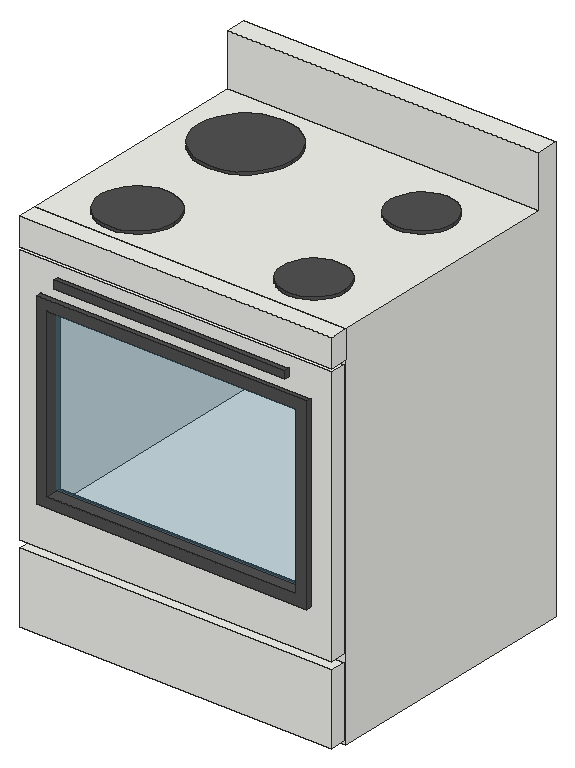
Revit family "AO_Range", category Specialty Equipment, Revit 2019
Family settings
  Round Connector Dimension = Use Diameter
  Part Type = Normal
  OmniClass Number = 23.40.40.14.17.17
  OmniClass Title = Ranges
  Work Plane-Based = No
  Always vertical = Yes
  Cut with Voids When Loaded = No
  Shared = Yes
  Room Calculation Point = No
Parameters (values of type "AO_SE_Range")
  Keynote = "3008"
  Height = 3' - 0"
  Assembly Code = "E1090400"
  Burner Material = Metal - Chrome
  Depth = 2' - 3"
  Range Material = Metal - Painted Finish - Ivory, Matte
  Width = 2' - 6"
  ADA [instance] = yes
Reference planes (in)
  plane 1: y = 0
  plane 2: z = 0
  plane 3: x = 0
  plane 4: y = 6
  plane 5: y = 19
  plane 6 "Top": z = 36
  plane 7: x = 23.5
  plane 8: x = 6.5
  plane 9: x = 30
  plane 10: y = 27
  plane 11 "Center (Left/Right)": x = 15
  plane 12: z = 30
  plane 13: z = 12
  plane 14: x = 2
  plane 15: x = 28
  plane 16: y = 1.75
  plane 17: z = 41
Forms (in)
  Extrusion 1, solid, material "Metal - Painted Finish - Ivory, Matte" <- "Range Material"
    sketch origin (24, 0, 36) x (0, 0, -1) y (0, 1, 0)
      loop
        line (0, 27) -> (-5, 27) -> (-5, 25) -> (0, 25) -> (0, 27)
    from 6 to -24
  Extrusion 2, solid, material "Metal - Painted Finish - Ivory, Matte" <- "Range Material"
    sketch origin (0, 27, 0) x (-1, 0, 0) y (0, 0, 1)
      loop
        line (0, 36) -> (-30, 36) -> (-30, 0) -> (0, 0) -> (0, 36)
      loop
        line (-1, 35.00874) -> (-29, 35.00874) -> (-29, 10) -> (-1, 10) -> (-1, 35.00874)
    from 0 to -25.25
  Extrusion 3, solid, material "Metal - Painted Finish - Ivory, Matte" <- "Range Material"
    sketch origin (0, 0, 0) x (1, 0, 0) y (0, 0, 1)
      loop
        line (0, 33.00874) -> (0, 8) -> (30, 8) -> (30, 33.00874) -> (0, 33.00874)
      loop
        line (2, 30) -> (2, 12) -> (28, 12) -> (28, 30) -> (2, 30)
      loop
        line (0, 7.25) -> (0, 0.5) -> (30, 0.5) -> (30, 7.25) -> (0, 7.25)
    from 0 to -1.5
  Extrusion 4, solid, material "Metal - Painted Finish - Ivory, Matte"
    sketch origin (0, 27, 0) x (-1, 0, 0) y (0, 0, 1)
      loop
        line (-29, 35.00874) -> (-29, 10) -> (-1, 10) -> (-1, 35.00874) -> (-29, 35.00874)
    from 0 to -1
  Extrusion 5, solid, material "Metal - Chrome" <- "Burner Material"
    sketch origin (0, 0, 36) x (1, 0, 0) y (0, -1, 0)
      loop
        circle (6.5, -19) r 4.5
      loop
        circle (23.5, -19) r 3
      loop
        circle (23.5, -6) r 3
      loop
        circle (6.5, -6) r 3.5
    from 0 to -0.25
  Extrusion 6, solid, material "Metal - Chrome" <- "Burner Material"
    sketch origin (0, 0, 0) x (1, 0, 0) y (0, 0, 1)
      loop
        line (2, 30) -> (2, 12) -> (28, 12) -> (28, 30) -> (2, 30)
      loop
        line (3, 29) -> (3, 13) -> (27, 13) -> (27, 29) -> (3, 29)
    from -1 to 0.5
  Extrusion 7, solid, material "Metal - Painted Finish - Ivory, Matte" <- "Range Material"
    sketch origin (0, 0, 0) x (1, 0, 0) y (0, 0, 1)
      loop
        line (0, 36) -> (0, 33.25874) -> (30, 33.25874) -> (30, 36) -> (0, 36)
    from 0 to -1.75
  Extrusion 8, solid, material "Glass"
    sketch origin (0, 0, 0) x (1, 0, 0) y (0, 0, 1)
      loop
        line (3, 29) -> (3, 13) -> (27, 13) -> (27, 29) -> (3, 29)
    from -0.5 to -0.75
  Extrusion 9, solid, material "Metal - Chrome" <- "Burner Material"
    sketch origin (0, 0, 0) x (1, 0, 0) y (0, 0, 1)
      loop
        line (3.60974, 31.90263) -> (3.60974, 31.15263) -> (25.875, 31.15263) -> (25.875, 31.90263) -> (3.60974, 31.90263)
    from 0 to 0.5
Cuts and joins
  joined: Extrusion 1, Extrusion 2
Lines and regions (in)
  model lines
    curve 1: line (2, 0, 30) -> (2, 0, 12)
    curve 2: line (28, 0, 30) -> (28, 0, 12)
    curve 3: line (3, 0.5, 0) -> (27, 0.5, 0)
    curve 4: line (3, 0.5, 0) -> (27, 0.5, 0)
    curve 5: line (2, -0.5, 0) -> (28, -0.5, 0)
    curve 6: line (0, 0, 0) -> (30, 0, 0)
    curve 7: line (3, 0.5, 0) -> (27, 0.5, 0)
  symbolic lines
    curve 8: line (0, 25, 0) -> (30, 25, 0)
    curve 9: line (30, 27, 0) -> (0, 27, 0)
    curve 10: line (30, 0, 0) -> (30, 27, 0)
    curve 11: line (0, 27, 0) -> (0, 0, 0)
    curve 12: line (0, 1.75, 0) -> (30, 1.75, 0)
    curve 13: line (0, 0, 0) -> (30, 0, 0)
    curve 14: line (3.60974, -0.5, 0) -> (25.875, -0.5, 0)
    curve 15: line (25.875, -0.5, 0) -> (25.875, 0, 0)
    curve 16: line (28, -0.5, 0) -> (28, 0, 0)
    curve 17: line (3.60974, -0.5, 0) -> (3.60974, 0, 0)
    curve 18: line (2, -0.5, 0) -> (2, 0, 0)
    curve 19: circle (6.5, 19, 0) r 4.5 normal (0, 0, 1)
    curve 20: circle (23.5, 19, 0) r 3 normal (0, 0, 1)
    curve 21: circle (23.5, 6, 0) r 3 normal (0, 0, 1)
    curve 22: circle (6.5, 6, 0) r 3.5 normal (0, 0, 1)
  symbolic lines, style "InvisibleLines"
    curve 23: line (15, 15, 108) -> (15, 15, 0)
Dimensions and locks (in)
  "Depth": plane 10 to plane 1
  "Width": plane 9 to plane 3
  locked: plane 8 to plane 3 at 6.5
  locked: plane 9 to plane 7 at 6.5
  locked: plane 10 to plane 5 at 8
  locked: plane 4 to plane 1 at 6
  equal spacing: plane 3, plane 11 "Center (Left/Right)", plane 9
  plane 12 to plane 13 = 1' - 6"
  plane 6 "Top" to plane 12 = 0' - 6"
  locked: plane 1 to plane 16 at 1.75
  "Height": plane 6 "Top" to plane 2
  locked: plane 17 to plane 6 "Top" at 5
  aligned and locked: Extrusion 1 to plane 3
  aligned and locked: plane 13 to curve 2
  aligned and locked: plane 15 to curve 2
  aligned and locked: plane 9 to Extrusion 1
  aligned and locked: plane 16 to Extrusion 7
  aligned and locked: Extrusion 2 to plane 16
  aligned and locked: Extrusion 8 sketch curve to Extrusion 6
  aligned and locked: Extrusion 1 to plane 17
  aligned and locked: nested 1 to plane 11 "Center (Left/Right)"
Automatic sketch dimensions
  Extrusion 5 sketch curve to plane 4 = 0' - 0"  (x2)
  Extrusion 5 sketch curve to plane 5 = 0' - 0"  (x2)
  Extrusion 5 sketch curve to plane 8 = 0' - 0"  (x2)
  Extrusion 5 sketch curve to plane 7 = 0' - 0"  (x2)
  Extrusion 5 sketch curve to plane 14 = 0' - 1"
  plane 14 to Extrusion 5 sketch curve = 0' - 0"
  Extrusion 5 sketch curve to plane 7 = 0' - 3"  (x2)
  Extrusion 6 sketch curve to plane 12 = 0' - 0"
  Extrusion 6 sketch curve to plane 14 = 0' - 0"
  Extrusion 6 sketch curve to plane 13 = 0' - 0"
  Extrusion 6 sketch curve to plane 15 = 0' - 0"
  Extrusion 6 sketch curve to plane 14 = 0' - 1"
  plane 15 to Extrusion 6 sketch curve = 0' - 1"
  Extrusion 6 sketch curve to plane 13 = 0' - 1"
  plane 12 to Extrusion 6 sketch curve = 0' - 1"
  curve 2 to plane 12 = 0' - 0"
  curve 1 to plane 12 = 0' - 0"
  plane 14 to curve 1 = 0' - 0"
  curve 1 to plane 13 = 0' - 0"
  Extrusion 8 sketch curve to plane 14 = 0' - 1"
  Extrusion 8 sketch curve to plane 13 = 0' - 1"
  plane 12 to Extrusion 8 sketch curve = 0' - 1"
  Extrusion 9 sketch curve to plane 14 = 0' - 1.60974"
  plane 15 to Extrusion 9 sketch curve = 0' - 2 1/8"
  Extrusion 9 sketch curve to plane 12 = 0' - 1.15263"
  Extrusion 9 sketch curve to Extrusion 9 sketch curve = 0' - 0 3/4"
  Extrusion 1 sketch curve to plane 10 = 0' - 0"
  plane 6 "Top" to Extrusion 1 sketch curve = 0' - 0"
  Extrusion 1 sketch curve to plane 10 = 0' - 2"
  Extrusion 1 sketch curve to plane 6 "Top" = 0' - 5"
  Extrusion 2 sketch curve to plane 6 "Top" = 0' - 0"
  Extrusion 2 sketch curve to plane 9 = 0' - 0"
  Extrusion 2 sketch curve to plane 3 = 0' - 0"
  Extrusion 2 sketch curve to level = 0' - 0"
  Extrusion 2 sketch curve to plane 9 = 0' - 1"
  plane 3 to Extrusion 2 sketch curve = 0' - 1"
  plane 13 to Extrusion 2 sketch curve = 0' - 2"
  plane 6 "Top" to Extrusion 2 sketch curve = 0' - 0.99126"
  Extrusion 3 sketch curve to plane 3 = 0' - 0"  (x2)
  Extrusion 3 sketch curve to plane 13 = 0' - 0"
  plane 14 to Extrusion 3 sketch curve = 0' - 0"
  plane 15 to Extrusion 3 sketch curve = 0' - 0"
  Extrusion 3 sketch curve to plane 9 = 0' - 0"  (x2)
  Extrusion 3 sketch curve to plane 12 = 0' - 0"
  plane 13 to Extrusion 3 sketch curve = 0' - 4"
  Extrusion 3 sketch curve to Extrusion 3 sketch curve = 0' - 0 3/4"
  level to Extrusion 3 sketch curve = 0' - 0 1/2"
  plane 6 "Top" to Extrusion 3 sketch curve = 0' - 2.99126"
  Extrusion 4 sketch curve to plane 9 = 0' - 1"
  plane 3 to Extrusion 4 sketch curve = 0' - 1"
  plane 13 to Extrusion 4 sketch curve = 0' - 2"
  plane 6 "Top" to Extrusion 4 sketch curve = 0' - 0.99126"
  Extrusion 7 sketch curve to plane 3 = 0' - 0"
  Extrusion 7 sketch curve to plane 9 = 0' - 0"
  Extrusion 7 sketch curve to plane 6 "Top" = 0' - 0"
  plane 6 "Top" to Extrusion 7 sketch curve = 0' - 2.74126"
  plane 1 to curve 18 = 0' - 0"
  curve 18 to plane 14 = 0' - 0"
  plane 5 to curve 19 = 0' - 0"
  curve 19 to plane 8 = 0' - 0"
  curve 22 to plane 4 = 0' - 0"
  curve 22 to plane 8 = 0' - 0"
  plane 5 to curve 20 = 0' - 0"
  curve 20 to plane 7 = 0' - 0"
  curve 21 to plane 4 = 0' - 0"
  curve 21 to plane 7 = 0' - 0"
  curve 16 to plane 15 = 0' - 0"
  curve 12 to plane 16 = 0' - 0"
  curve 9 to plane 10 = 0' - 0"
  plane 1 to curve 14 = 0' - 0 1/2"
  curve 14 to plane 14 = 0' - 1.60974"
  curve 15 to curve 5 = 0' - 2 1/8"
  plane 1 to curve 18 = 0' - 0 1/2"
  curve 4 to curve 17 = 0' - 0.60974"
  curve 7 to curve 4 = 0' - 0"  (x2)
  curve 3 to curve 4 = 0' - 0"  (x3)
  curve 4 to plane 1 = 0' - 0 1/2"
  plane 15 to curve 4 = 0' - 1"
  curve 7 to curve 3 = 0' - 0"
  curve 8 to plane 10 = 0' - 2"
  curve 23 to level = 0' - 0"
  plane 5 to curve 23 = 0' - 4"
  curve 9 to plane 9 = 0' - 0"
  curve 12 to plane 3 = 0' - 0"
  curve 23 to plane 17 = 5' - 7"
  radius of curve 19 = 0' - 4 1/2"
  radius of curve 20 = 0' - 3"
  radius of curve 21 = 0' - 3"
  radius of curve 22 = 0' - 3 1/2"
Nested families (in)
  nested 1: "ADA_3048" at (15, -17.25, 0) x (0, 1, 0) z (0, 0, 1), visible <- "ADA", type "ADA_3048"
Definition of nested family "ADA_3048"
  Parameters (values of type "ADA_3048")
    Assembly Code = ""
  Reference planes (in)
    plane 1 "Center (Front/Back)": y = 0
    plane 2: z = 0
    plane 3 "Center (Left/Right)": x = 0
  Lines and regions (in)
    model lines
      curve 1: line (15, 24, 0) -> (-15, 24, 0)
      curve 2: line (-15, 24, 0) -> (-15, -24, 0)
      curve 3: line (-15, -24, 0) -> (15, -24, 0)
      curve 4: line (15, -24, 0) -> (15, 24, 0)
  Dimensions and locks (in)
    curve 2 to curve 4 = 2' - 6"
    curve 3 to curve 1 = 4' - 0"
